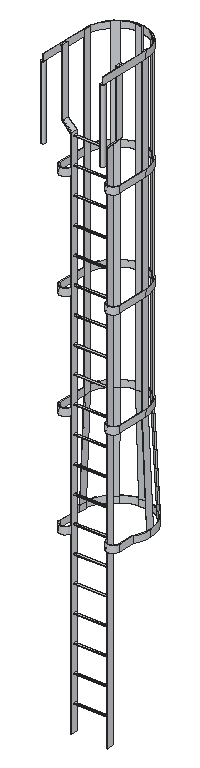
Revit family "M_Escada da gaiola", category Equipamento especial, Revit 2019
Family settings
  Hospedeiro = Parede
  Cota do conector redondo = Utilizar diâmetro
  Tipo de parte = Normal
  Número OmniClass = 23.30.70.17
  Título OmniClass = Ladders
  ID de item do Seek = Cage Ladder-0000-CAN-ENU
  Sempre na vertical = Sim
  Corte com vazios quando carregada = Não
  Compartilhado = Não
  Ponto de cálculo do ambiente = Não
Parameters (values of type "Padrão")
  Altura do guarda-corpo = 900 mm
  Barra central vertical 1 = Raio inferior do objeto circular - Largura do objeto circular / 2  # 386 mm
  Barra central vertical = Raio do objeto circular - Largura do objeto circular / 2  # 336 mm
  Espessura da barra vertical = Largura do objeto circular  # 8 mm
  Largura da barra vertical = 75 mm
  Comprimento da base da escada [instance] = 400 mm
  Número de gaiolas [instance] = (Altura + [Altura do guarda-corpo] - Altura inferior do objeto circular - 2 * Espaço do raio circular) / Espaço do raio circular + 1  # 3
  Largura do objeto circular = 8 mm
  Espessura do objeto circular = 75 mm
  Raio do objeto circular = 340 mm
  Raio da base da escada = 10 mm
  Número de bases da escada [instance] = Altura / Espaço do raio  # 20
  Largura do corrimão lateral = 75 mm
  Espessura do corrimão lateral = 10 mm
  Raio do gancho [instance] = (Raio do objeto circular - 0.5 * Comprimento da base da escada + 0.5 * Largura do objeto circular - Largura do objeto circular) / 2  # 68 mm
  Altura [instance] = 6100 mm
  Espaço do raio [instance] = 305 mm
  Espaço do raio circular [instance] = 1210 mm
  Distância [instance] = 180 mm
  Distância do centro = 380 mm
  Raio inferior do objeto circular = 390 mm
  Altura inferior do objeto circular = 2130 mm
Reference planes
  plane 1: y = 0
  plane 2 "Centro (Esquerda/Direita)": x = 0
  plane 3 "Aresta da parede": y = 88.9
  plane 4: z = 900
  plane 5: y = 268.9
  plane 6: z = -310
  plane 7: z = 31.75
  plane 8: x = 311.6
  plane 9: x = 301.6
  plane 10: x = 200
  plane 11: z = 133.35
  plane 12: y = 306.4
  plane 13: y = 231.4
  plane 14: x = -311.6
  plane 15: x = -200
  plane 16: x = -301.6
  plane 17 "Inferior": z = -6100
  plane 18: z = -305
  plane 19 "Centro da gaiola": y = 611.4
  plane 20: z = 825
  plane 21: z = -385
  plane 22: x = -340
  plane 23: x = 340
  plane 24: z = -3970
  plane 25: z = -4045
  plane 26: z = -2760
  plane 27: z = -2835
  plane 28: z = 0
  plane 29: x = 210
  plane 30: x = -210
Forms (mm)
  Sweep 1, solid
    path origin (0, 0, 0) x (0, 1, 0) y (0, 0, 1)
      loop
        line (-25.4, 0) -> (-25.4, 825)
    profile origin (0, -25.4, 412.5) x (0, -1, 0) y (1, 0, 0)
      loop
        circle (-25.4, -340) r 25.4
  Sweep 2, solid
    path origin (0, 0, 0) x (0, 1, 0) y (0, 0, 1)
      loop
        line (-25.4, 0) -> (-25.4, 825)
    profile origin (0, -25.4, 412.5) x (0, -1, 0) y (1, 0, 0)
      loop
        circle (-25.4, 340) r 25.4
  Sweep 3, solid
    path origin (0, 0, 0) x (1, 0, 0) y (0, 1, 0)
      loop
        line (270.917, 231.4) -> (270.917, 306.4)
    profile origin (270.917, 268.9, 0) x (-1, 0, 0) y (0, 0, 1)
      loop
        line (-69.083, 900) -> (-69.083, 890) -> (-40.683, 890) -> (-40.683, 133.35) -> (60.917, 31.75) -> (60.917, -6100) -> (70.917, -6100) -> (70.917, 35.892) -> (-30.683, 137.492) -> (-30.683, 900) -> (-69.083, 900)
  Sweep 4, solid
    path origin (0, 0, 0) x (1, 0, 0) y (0, 1, 0)
      loop
        line (-514.625, 231.4) -> (-514.625, 306.4)
    profile origin (-514.625, 268.9, 0) x (-1, 0, 0) y (0, 0, 1)
      loop
        line (-203.025, 133.35) -> (-203.025, 890) -> (-174.625, 890) -> (-174.625, 900) -> (-213.025, 900) -> (-213.025, 137.492) -> (-314.625, 35.892) -> (-314.625, -6100) -> (-304.625, -6100) -> (-304.625, 31.75) -> (-203.025, 133.35)
  Sweep 5, solid
    path origin (0, 0, 0) x (1, 0, 0) y (0, 1, 0)
      loop
        line (-340, 0) -> (-340, 611.4)
        arc (-340, 611.4) -> (0, 951.4) -> (340, 611.4) r 340
        line (340, 611.4) -> (340, 0)
    profile origin (0, 951.4, 0) x (0, 1, 0) y (0, 0, 1)
      loop
        line (4.031, 900) -> (-3.969, 900) -> (-3.969, 825) -> (4.031, 825) -> (4.031, 900)
  Sweep 6, solid
    path origin (0, 0, 0) x (1, 0, 0) y (0, 1, 0)
      loop
        arc (204, 231.4) -> (272, 163.4) -> (340, 231.4) r 68
        line (340, 231.4) -> (340, 420.35)
        arc (340, 420.35) -> (377.293, 512.658) -> (390, 611.4) r 390
        arc (390, 611.4) -> (0, 1001.4) -> (-390, 611.4) r 390
        arc (-390, 611.4) -> (-377.293, 512.658) -> (-340, 420.35) r 390
        line (-340, 420.35) -> (-340, 231.4)
        arc (-340, 231.4) -> (-272, 163.4) -> (-204, 231.4) r 68
    profile origin (0, 1001.4, 0) x (0, -1, 0) y (0, 0, 1)
      loop
        line (-4.031, -3970) -> (-4.031, -4045) -> (3.969, -4045) -> (3.969, -3970) -> (-4.031, -3970)
  Sweep 7, solid
    path origin (0, 611.4, 1656.358) x (0, 0, 1) y (-1, 0, 0)
      loop
        line (-756.358, -336) -> (-4491.358, -336) -> (-5626.358, -386) -> (-5701.358, -386)
    profile origin (336, 611.4, -967.5) x (0, -1, 0) y (1, 0, 0)
      loop
        line (-37.5, -9.969) -> (37.5, -9.969) -> (37.5, 0.031) -> (-37.5, 0.031) -> (-37.5, -9.969)
  Sweep 8, solid
    path origin (0, 611.4, 1656.358) x (0, 0, 1) y (-1, 0, 0)
      loop
        line (-756.358, 336) -> (-4491.358, 336) -> (-5626.358, 386) -> (-5701.358, 386)
    profile origin (-336, 611.4, -967.5) x (0, -1, 0) y (1, 0, 0)
      loop
        line (-37.5, 0) -> (37.5, 0) -> (37.5, 8) -> (-37.5, 8) -> (-37.5, 0)
  Sweep 9, solid
    path origin (0, 0, 0) x (0, 1, 0) y (0, 0, 1)
      loop
        line (947.4, 900) -> (947.4, -2835) -> (997.4, -3970) -> (997.4, -4045)
    profile origin (0, 947.4, -967.5) x (1, 0, 0) y (0, 1, 0)
      loop
        line (-37.5, 0) -> (-37.5, -8) -> (37.5, -8) -> (37.5, 0) -> (-37.5, 0)
  Sweep 10, solid
    path origin (0, 611.4, 0) x (-0.642853, 0.76599, 0) y (0, 0, 1)
      loop
        line (336, 900) -> (336, -2835) -> (386, -3970) -> (386, -4045)
    profile origin (-215.998, 868.773, -967.5) x (0.76599, 0.642853, 0) y (-0.642853, 0.76599, 0)
      loop
        line (37.5, 0) -> (-37.5, 0) -> (-37.5, -8) -> (37.5, -8) -> (37.5, 0)
  Sweep 11, solid
    path origin (0, 611.4, 0) x (0.642788, 0.766044, 0) y (0, 0, 1)
      loop
        line (336, 900) -> (336, -2835) -> (386, -3970) -> (386, -4045)
    profile origin (215.977, 868.791, -967.5) x (0.766044, -0.642788, 0) y (0.642788, 0.766044, 0)
      loop
        line (-37.5, -8) -> (37.5, -8) -> (37.5, 0) -> (-37.5, 0) -> (-37.5, -8)
Cuts and joins
  joined: Sweep 1, Sweep 2, Sweep 3, Sweep 4, Sweep 5
Lines and regions (mm)
  reference lines
    curve 1: line (0, 611.4, 0) -> (289.801, 956.771, 0)
    curve 2: line (0, 611.4, 0) -> (-289.83, 956.747, 0)
    curve 3: line (210, 611.4, 31.75) -> (311.6, 611.4, 133.35)
    curve 4: line (-210, 611.4, 31.75) -> (-311.6, 611.4, 133.35)
Text (mm)
  text "Lado da colocação" at (0, 1019.848, 3124.603), in view "Direita"
  text "Lado da colocação" at (-1856.22, 1040.952, 0), in view "Nível de referência"
  text "Lado da colocação" at (0, 2618.14, 1979.445), in view "Esquerda"
Dimensions and locks
  locked: plane 3 "Aresta da parede" to host wall
  "Espessura do corrimão lateral": plane 9 to plane 8
  locked: level to plane 7 at 31.75
  locked: plane 10 to plane 9 at 101.6
  locked: plane 7 to plane 11 at 101.6
  locked: plane 16 to plane 15 at 101.6
  "Espessura do corrimão lateral": plane 14 to plane 16
  "Espaço do raio": plane 18 to level
  equal spacing: group 20, group 19, group 18, group 17, group 16, group 15, group 14, group 13, group 12, group 11, group 10, group 9, group 8, group 7, group 6, group 5, group 4, group 3, group 2, group 1  (x2)
  equal spacing: group 1, group 2, group 3, group 4, group 5, group 6, group 7, group 8, group 9, group 10, group 11, group 12, group 13, group 14, group 15, group 16, group 17, group 18, group 19, group 20
  "Espaço do raio circular": plane 6 to plane 4
  "Raio do objeto circular": plane 22 to plane 2 "Centro (Esquerda/Direita)"
  "Raio do objeto circular": plane 2 "Centro (Esquerda/Direita)" to plane 23
  "Altura inferior do objeto circular": plane 17 "Inferior" to plane 24
  "Espaço do raio circular": plane 24 to plane 26
  "Espessura do objeto circular": plane 27 to plane 26
  Sweep 5 sketch curve to Sweep 5 sketch curve = 8 mm
  "Largura do objeto circular": Sweep 5 sketch curve to Sweep 5 sketch curve
  Sweep 6 sketch curve to Sweep 6 sketch curve = 8 mm
  "Largura do objeto circular": Sweep 6 sketch curve to Sweep 6 sketch curve
  equal spacing: plane 15, plane 2 "Centro (Esquerda/Direita)", plane 10
  "Comprimento da base da escada": plane 15 to plane 10
  "Barra central vertical": Sweep 7 sketch curve to plane 2 "Centro (Esquerda/Direita)"
  "Barra central vertical 1": Sweep 7 sketch curve to plane 2 "Centro (Esquerda/Direita)"
  equal spacing: Sweep 7 sketch curve, plane 19 "Centro da gaiola", Sweep 7 sketch curve
  "Largura da barra vertical": Sweep 7 sketch curve to Sweep 7 sketch curve
  "Espessura do corrimão lateral": Sweep 7 sketch curve to Sweep 7 sketch curve
  "Barra central vertical": plane 2 "Centro (Esquerda/Direita)" to Sweep 8 sketch curve
  "Barra central vertical 1": plane 2 "Centro (Esquerda/Direita)" to Sweep 8 sketch curve
  equal spacing: Sweep 8 sketch curve, nested 9, Sweep 8 sketch curve
  "Largura da barra vertical": Sweep 8 sketch curve to Sweep 8 sketch curve
  "Espessura da barra vertical": Sweep 8 sketch curve to Sweep 8 sketch curve
  "Barra central vertical 1": Sweep 9 sketch curve to plane 19 "Centro da gaiola"
  "Barra central vertical": Sweep 9 sketch curve to plane 19 "Centro da gaiola"
  equal spacing: Sweep 9 sketch curve, plane 2 "Centro (Esquerda/Direita)", Sweep 9 sketch curve
  "Largura da barra vertical": Sweep 9 sketch curve to Sweep 9 sketch curve
  "Espessura da barra vertical": Sweep 9 sketch curve to Sweep 9 sketch curve
  "Barra central vertical": Sweep 10 sketch curve to curve 2
  "Barra central vertical 1": Sweep 10 sketch curve to curve 2
  equal spacing: Sweep 10 sketch curve, curve 2, Sweep 10 sketch curve
  "Largura da barra vertical": Sweep 10 sketch curve to Sweep 10 sketch curve
  "Espessura da barra vertical": Sweep 10 sketch curve to Sweep 10 sketch curve
  "Barra central vertical": curve 2 to Sweep 11 sketch curve
  "Barra central vertical 1": curve 2 to Sweep 11 sketch curve
  equal spacing: Sweep 11 sketch curve, curve 1, Sweep 11 sketch curve
  "Largura da barra vertical": Sweep 11 sketch curve to Sweep 11 sketch curve
  "Espessura da barra vertical": Sweep 11 sketch curve to Sweep 11 sketch curve
  "Largura do corrimão lateral": plane 12 to plane 13
  equal spacing: plane 12, plane 5, plane 13
  "Distância do centro": plane 19 "Centro da gaiola" to plane 13
  "Espessura do objeto circular": plane 20 to plane 4
  "Espessura do corrimão lateral": Sweep 3 sketch curve to Sweep 3 sketch curve  (x2)
  "Espessura do corrimão lateral": Sweep 4 sketch curve to Sweep 4 sketch curve  (x2)
  "Espessura do objeto circular": plane 21 to plane 6
  "Distância": plane 3 "Aresta da parede" to plane 5
  "Espessura do objeto circular": plane 25 to plane 24
  "Altura": plane 17 "Inferior" to plane 28
  "Altura do guarda-corpo": level to plane 4
  equal spacing: group 21, group 23, group 22  (x2)
  equal spacing: group 22, group 23, group 21
  cut or joined group of Sweep 1, Sweep 2, Sweep 3, Sweep 4, Sweep 5 to cut or joined group of Sweep 1, Sweep 2, Sweep 3, Sweep 4, Sweep 5 = 10 mm
  "Espessura do corrimão lateral": plane 10 to plane 29
  "Espessura do corrimão lateral": plane 15 to plane 30
  radius of Sweep 1 sketch curve = 25.4 mm
  radius of Sweep 2 sketch curve = 25.4 mm
  "Raio do objeto circular": radius of Sweep 5 sketch curve
  "Raio inferior do objeto circular": radius of Sweep 6 sketch curve
  "Raio do gancho": radius of Sweep 6 sketch curve  (x2)
  locked: curve 1 to plane 2 "Centro (Esquerda/Direita)" (angle 40.00°)
  locked: plane 2 "Centro (Esquerda/Direita)" to curve 2 (angle 40.0049°)
  aligned and locked: level to Sweep 1 sketch curve
  aligned and locked: level to Sweep 2 sketch curve
  aligned and locked: plane 12 to Sweep 3 sketch curve
  aligned and locked: plane 13 to Sweep 3 sketch curve
  aligned and locked: plane 12 to Sweep 4 sketch curve
  aligned and locked: plane 13 to Sweep 4 sketch curve
  aligned and locked: plane 4 to Sweep 4 sketch curve
  aligned and locked: Sweep 4 sketch curve to plane 16
  aligned and locked: plane 14 to Sweep 4 sketch curve
  aligned and locked: Sweep 3 sketch curve to plane 4
  aligned and locked: plane 8 to Sweep 3 sketch curve
  aligned and locked: Sweep 3 sketch curve to plane 9
  aligned and locked: plane 11 to Sweep 3 sketch curve
  aligned and locked: nested 1 to plane 10
  aligned and locked: plane 5 to nested 1
  aligned and locked: level to nested 1
  aligned and locked: plane 5 to nested 2
  aligned and locked: plane 18 to nested 2
  aligned and locked: Sweep 5 sketch curve to plane 4
  aligned and locked: plane 20 to Sweep 5 sketch curve
  aligned and locked: plane 20 to Sweep 1 sketch curve
  aligned and locked: plane 20 to Sweep 2 sketch curve
  aligned and locked: plane 19 "Centro da gaiola" to Sweep 5 sketch curve  (x3)
  aligned and locked: plane 2 "Centro (Esquerda/Direita)" to Sweep 6 sketch curve  (x3)
  aligned and locked: plane 19 "Centro da gaiola" to Sweep 6 sketch curve  (x5)
  aligned and locked: plane 22 to Sweep 6 sketch curve
  aligned and locked: plane 13 to Sweep 6 sketch curve  (x4)
  aligned and locked: Sweep 6 sketch curve to plane 23
  aligned and locked: Sweep 6 sketch curve to plane 24
  aligned and locked: plane 25 to Sweep 6 sketch curve
  aligned and locked: plane 6 to nested 9
  aligned and locked: plane 2 "Centro (Esquerda/Direita)" to nested 9
  aligned and locked: plane 1 to Sweep 2 sketch curve
  aligned and locked: plane 1 to Sweep 1 sketch curve
  aligned and locked: plane 13 to nested 9  (x3)
  aligned and locked: nested 9 to plane 13  (x3)
  aligned and locked: Sweep 5 sketch curve to plane 23
  aligned and locked: Sweep 4 sketch curve to plane 15
  aligned and locked: Sweep 4 sketch curve to plane 17 "Inferior"
  aligned and locked: plane 17 "Inferior" to Sweep 3 sketch curve
  aligned and locked: Sweep 3 sketch curve to plane 17 "Inferior"
  aligned and locked: plane 22 to Sweep 1 sketch curve
  aligned and locked: plane 23 to Sweep 2 sketch curve
  aligned and locked: plane 27 to Sweep 7 sketch curve
  aligned and locked: plane 24 to Sweep 7 sketch curve
  aligned and locked: plane 25 to Sweep 7 sketch curve
  aligned and locked: plane 4 to Sweep 7 sketch curve
  aligned and locked: Sweep 7 sketch curve to Sweep 5
  aligned and locked: plane 24 to Sweep 8 sketch curve
  aligned and locked: plane 25 to Sweep 8 sketch curve
  aligned and locked: plane 4 to Sweep 8 sketch curve
  aligned and locked: plane 27 to Sweep 8 sketch curve
  aligned and locked: Sweep 8 sketch curve to profile plane
  aligned and locked: plane 27 to Sweep 9 sketch curve
  aligned and locked: plane 4 to Sweep 9 sketch curve
  aligned and locked: plane 24 to Sweep 9 sketch curve
  aligned and locked: plane 25 to Sweep 9 sketch curve
  aligned and locked: profile plane to Sweep 9 sketch curve
  aligned and locked: plane 4 to Sweep 10 sketch curve
  aligned and locked: plane 27 to Sweep 10 sketch curve
  aligned and locked: plane 25 to Sweep 10 sketch curve
  aligned and locked: plane 24 to Sweep 10 sketch curve
  aligned and locked: profile plane to Sweep 10 sketch curve
  aligned and locked: plane 25 to Sweep 11 sketch curve
  aligned and locked: plane 24 to Sweep 11 sketch curve
  aligned and locked: plane 27 to Sweep 11 sketch curve
  aligned and locked: plane 4 to Sweep 11 sketch curve
  aligned and locked: profile plane to Sweep 11 sketch curve
  aligned and locked: plane 19 "Centro da gaiola" to curve 1
  aligned and locked: plane 2 "Centro (Esquerda/Direita)" to curve 1
  aligned and locked: Sweep 3 sketch curve to plane 23
  aligned and locked: plane 22 to Sweep 4 sketch curve
  aligned and locked: level to plane 28
  aligned and locked: plane 26 to nested 22
  aligned and locked: plane 27 to nested 22
  aligned and locked: plane 2 "Centro (Esquerda/Direita)" to nested 22
  aligned and locked: plane 13 to nested 22
  aligned and locked: nested 22 to plane 13
  aligned and locked: plane 19 "Centro da gaiola" to nested 22
  aligned and locked: plane 8 to curve 3
  aligned and locked: plane 11 to curve 3
  aligned and locked: plane 7 to curve 3
  aligned and locked: plane 29 to curve 3
  aligned and locked: Sweep 3 sketch curve to curve 3
  aligned and locked: plane 29 to Sweep 3 sketch curve
  aligned and locked: Sweep 3 sketch curve to plane 10
  aligned and locked: plane 30 to curve 4
  aligned and locked: plane 7 to curve 4
  aligned and locked: plane 11 to curve 4
  aligned and locked: plane 14 to curve 4
  aligned and locked: Sweep 4 sketch curve to curve 4
  aligned and locked: plane 30 to Sweep 4 sketch curve
Automatic sketch dimensions
  plane 9 to Sweep 3 sketch curve = 30.683 mm
  Sweep 5 sketch curve to plane 1 = 0 mm  (x2)
  Sweep 4 sketch curve to plane 22 = 174.625 mm
  plane 1 to Sweep 1 sketch curve = 25.4 mm
  plane 1 to Sweep 2 sketch curve = 25.4 mm
Nested families
  nested 1: "Base da escada" at (0, 268.9, 0), type "Base da escada"
    with Raio da base da escada 10 mm, Comprimento da base da escada 400 mm
  nested 2: "Base da escada" at (0, 268.9, -305), type "Base da escada"
    with Raio da base da escada 10 mm, Comprimento da base da escada 400 mm
  nested 3: "Base da escada" at (0, 268.9, -610), type "Base da escada"
    with Raio da base da escada 10 mm, Comprimento da base da escada 400 mm
  nested 4: "Base da escada" at (0, 268.9, -915), type "Base da escada"
    with Raio da base da escada 10 mm, Comprimento da base da escada 400 mm
  nested 5: "Base da escada" at (0, 268.9, -1220), type "Base da escada"
    with Raio da base da escada 10 mm, Comprimento da base da escada 400 mm
  nested 6: "Base da escada" at (0, 268.9, -1525), type "Base da escada"
    with Raio da base da escada 10 mm, Comprimento da base da escada 400 mm
  nested 7: "Base da escada" at (0, 268.9, -1830), type "Base da escada"
    with Raio da base da escada 10 mm, Comprimento da base da escada 400 mm
  nested 8: "Base da escada" at (0, 268.9, -2135), type "Base da escada"
    with Raio da base da escada 10 mm, Comprimento da base da escada 400 mm
  nested 9: "Objeto circular" at (0, 611.4, -310), type "Objeto circular"
    with Raio do objeto circular 340 mm, Raio do gancho 68 mm, Distância da linha 380 mm, Largura do objeto circular 8 mm, Espessura do objeto circular 75 mm
  nested 10: "Base da escada" at (0, 268.9, -2440), type "Base da escada"
    with Raio da base da escada 10 mm, Comprimento da base da escada 400 mm
  nested 11: "Base da escada" at (0, 268.9, -2745), type "Base da escada"
    with Raio da base da escada 10 mm, Comprimento da base da escada 400 mm
  nested 12: "Base da escada" at (0, 268.9, -3050), type "Base da escada"
    with Raio da base da escada 10 mm, Comprimento da base da escada 400 mm
  nested 13: "Base da escada" at (0, 268.9, -3355), type "Base da escada"
    with Raio da base da escada 10 mm, Comprimento da base da escada 400 mm
  nested 14: "Base da escada" at (0, 268.9, -3660), type "Base da escada"
    with Raio da base da escada 10 mm, Comprimento da base da escada 400 mm
  nested 15: "Base da escada" at (0, 268.9, -3965), type "Base da escada"
    with Raio da base da escada 10 mm, Comprimento da base da escada 400 mm
  nested 16: "Base da escada" at (0, 268.9, -4270), type "Base da escada"
    with Raio da base da escada 10 mm, Comprimento da base da escada 400 mm
  nested 17: "Base da escada" at (0, 268.9, -4575), type "Base da escada"
    with Raio da base da escada 10 mm, Comprimento da base da escada 400 mm
  nested 18: "Base da escada" at (0, 268.9, -4880), type "Base da escada"
    with Raio da base da escada 10 mm, Comprimento da base da escada 400 mm
  nested 19: "Base da escada" at (0, 268.9, -5185), type "Base da escada"
    with Raio da base da escada 10 mm, Comprimento da base da escada 400 mm
  nested 20: "Base da escada" at (0, 268.9, -5490), type "Base da escada"
    with Raio da base da escada 10 mm, Comprimento da base da escada 400 mm
  nested 21: "Base da escada" at (0, 268.9, -5795), type "Base da escada"
    with Raio da base da escada 10 mm, Comprimento da base da escada 400 mm
  nested 22: "Objeto circular" at (0, 611.4, -2760), type "Objeto circular"
    with Raio do objeto circular 340 mm, Raio do gancho 68 mm, Distância da linha 380 mm, Largura do objeto circular 8 mm, Espessura do objeto circular 75 mm
  nested 23: "Objeto circular" at (0, 611.4, -1535), type "Objeto circular"
    with Raio do objeto circular 340 mm, Raio do gancho 68 mm, Distância da linha 380 mm, Largura do objeto circular 8 mm, Espessura do objeto circular 75 mm
Definition of nested family "Base da escada"
  Parameters
    Raio da base da escada = 9.525 mm
    Comprimento da base da escada = 406.4 mm
    Escada da gaiola = none
    Assembly Code = ""
  Reference planes
    plane 1 "Centro (Frente/Trás)": y = 0
    plane 2: z = 0
    plane 3 "Centro (Esquerda/Direita)": x = 0
    plane 4: x = 203.2
    plane 5: x = -203.2
  Forms (mm)
    Extrusion 1, solid, material <- "Escada da gaiola"
      sketch origin (0, 0, 0) x (0, 1, 0) y (0, 0, 1)
        loop
          circle (0, 0) r 9.525
      from -203.2 to 203.2
  Dimensions and locks
    equal spacing: plane 5, plane 3 "Centro (Esquerda/Direita)", plane 4
    "Comprimento da base da escada": plane 5 to plane 4
    "Raio da base da escada": radius of Extrusion 1 sketch curve
    aligned and locked: plane 1 "Centro (Frente/Trás)" to Extrusion 1 sketch curve
    aligned and locked: plane 2 to Extrusion 1 sketch curve
    aligned and locked: plane 4 to Extrusion 1
    aligned and locked: Extrusion 1 to plane 5
Definition of nested family "Objeto circular"
  Parameters
    Raio do objeto circular = 342.9 mm
    Raio do gancho = 67.866 mm
    Distância da linha = 381 mm
    Largura do objeto circular = 7.938 mm
    Espessura do objeto circular = 76.2 mm
    Assembly Code = ""
  Reference planes
    plane 1 "Centro (Frente/Trás)": y = 0
    plane 2: z = 0
    plane 3 "Centro (Esquerda/Direita)": x = 0
    plane 4: y = -381
  Forms (mm)
    Sweep 1, solid
      path origin (0, 3.954, 0) x (1, 0, 0) y (0, 1, 0)
        loop
          arc (207.169, -384.954) -> (275.034, -452.819) -> (342.9, -384.954) r 67.866
          line (342.9, -384.954) -> (342.9, -3.954)
          arc (342.9, -3.954) -> (0, 338.946) -> (-342.9, -3.954) r 342.9
          line (-342.9, -3.954) -> (-342.9, -384.954)
          arc (-342.9, -384.954) -> (-275.034, -452.819) -> (-207.169, -384.954) r 67.866
      profile origin (0, 342.9, 0) x (0, -1, 0) y (0, 0, 1)
        loop
          line (-3.969, 0) -> (-3.969, -76.2) -> (3.969, -76.2) -> (3.969, 0) -> (-3.969, 0)
  Dimensions and locks
    "Distância da linha": plane 4 to plane 1 "Centro (Frente/Trás)"
    equal spacing: Sweep 1 sketch curve, profile plane, Sweep 1 sketch curve
    "Largura do objeto circular": Sweep 1 sketch curve to Sweep 1 sketch curve
    "Espessura do objeto circular": Sweep 1 sketch curve to Sweep 1 sketch curve
    "Raio do objeto circular": radius of Sweep 1 sketch curve
    "Raio do gancho": radius of Sweep 1 sketch curve  (x2)
    aligned and locked: Sweep 1 sketch curve to profile plane
    aligned and locked: plane 3 "Centro (Esquerda/Direita)" to Sweep 1 sketch curve
    aligned and locked: plane 1 "Centro (Frente/Trás)" to Sweep 1 sketch curve
    aligned and locked: plane 4 to Sweep 1 sketch curve  (x4)
